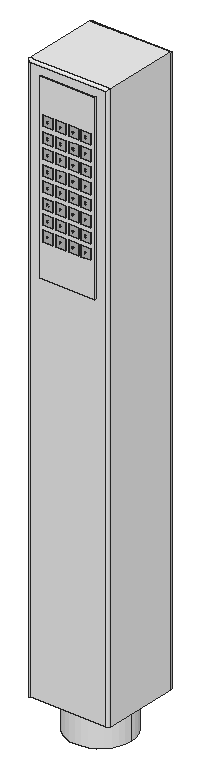
Revit family "xHandshower-American_Standard-Spectra_Minimalist-1660.608", category Plumbing Fixtures, Revit 2014
Parameters (values of type "1660.608")
  Width = 1"  # constant formula
  Water Connection Radius = 1/4"  # constant formula
  Water Connection Diameter = 1/2"  # constant formula
  Waste Connection = no
  Warranty Information = "One Year General Product Warranty"  # constant formula
  WFU = 4  # constant formula
  Vent Connection = no
  URL = "https://www.americanstandard-us.com/"
  Specification = "Hand Shower shall include check valve to prevent cross flow of hot and cold water."  # constant formula
  Product Page URL = "https://www.americanstandard-us.com/bathroom/shower-faucets/square-minimalist-hand-shower-32478"
  Price = "Prices may vary. Please consult Manufacturer Representative for most up-to-date price list."  # constant formula
  Model = "1660.608"  # constant formula
  Material = "Brass-American Standard-002-Polished Chrome"
  Manufacturer = "American Standard"  # constant formula
  Length = 1"  # constant formula
  Height = 7 1/2"  # constant formula
  HWFU = 3  # constant formula
  HW Connection = yes
  Flow Rate = "1.8 gpm/6.8 L/min."  # constant formula
  Finish = Brass-American Standard-002-Polished Chrome
  Description = "Square Minimalist Hand Shower"  # constant formula
  Default Elevation = 0"
  Creation Date = "01/17/2018"  # constant formula
  CWFU = 3  # constant formula
  CW Connection = yes
  Assembly Code = "D2010710"
Reference planes (in)
  plane 1 "Center (Front/Back)": y = 0
  plane 2: z = 0
  plane 3 "Center (Left/Right)": x = 0
  plane 4: x = 0.5
  plane 5: y = 0.5
  plane 6: x = -0.5
  plane 7: y = -0.5
  plane 8: z = 7.5
Forms (in)
  Revolve 1, solid, material "Brass-American Standard-002-Polished Chrome" <- "Finish"
    sketch origin (0, 0, 0) x (1, 0, 0) y (0, 0, 1)
      loop
        line (0, 0) -> (0.3862, 0) -> (0.3862, 0.40709) -> (0, 0.40709) -> (0, 0)
      axis (0, 0.40709) -> (0, 0)
    angle from 0 to 360
  Extrusion 2, solid, material "Brass-American Standard-002-Polished Chrome" <- "Finish"
    sketch origin (0, 0, 0) x (1, 0, 0) y (0, 1, 0)
      loop
        arc (-0.46906, 0.5) -> (-0.49094, 0.49094) -> (-0.5, 0.46906) r 0.03094
        line (-0.5, 0.46906) -> (-0.5, -0.46875)
        arc (-0.5, -0.46875) -> (-0.49085, -0.49085) -> (-0.46875, -0.5) r 0.03125
        line (-0.46875, -0.5) -> (0.46875, -0.5)
        arc (0.46875, -0.5) -> (0.49085, -0.49085) -> (0.5, -0.46875) r 0.03125
        line (0.5, -0.46875) -> (0.5, 0.46875)
        arc (0.5, 0.46875) -> (0.49085, 0.49085) -> (0.46875, 0.5) r 0.03125
        line (0.46875, 0.5) -> (-0.46906, 0.5)
    from 0.40709 to 7.5
  Extrusion 3, void
    sketch origin (0, 0, 0) x (0, 1, 0) y (0, 0, 1)
      loop
        line (0.5, 7.53555) -> (-0.5, 7.53555) -> (-0.5, 7.46875)
        arc (-0.5, 7.46875) -> (-0.49085, 7.49085) -> (-0.46875, 7.5) r 0.03125
        line (-0.46875, 7.5) -> (0.46875, 7.5)
        arc (0.46875, 7.5) -> (0.49085, 7.49085) -> (0.5, 7.46875) r 0.03125
        line (0.5, 7.46875) -> (0.5, 7.53555)
    from -0.5 to 0.5
  Extrusion 4, solid, material "Brass-American Standard-002-Polished Chrome" <- "Finish"
    sketch origin (0, 0, 0) x (1, 0, 0) y (0, 0, 1)
      loop
        line (-0.34394, 7.37033) -> (-0.34394, 5.12033) -> (0.34394, 5.12033) -> (0.34394, 7.37033) -> (-0.34394, 7.37033)
      loop
        line (-0.17163, 6.95232) -> (-0.29663, 6.95232) -> (-0.29663, 6.82732) -> (-0.17163, 6.82732) -> (-0.17163, 6.95232)
      loop
        line (-0.01627, 6.95232) -> (-0.14127, 6.95232) -> (-0.14127, 6.82732) -> (-0.01627, 6.82732) -> (-0.01627, 6.95232)
      loop
        line (0.14127, 6.95232) -> (0.01627, 6.95232) -> (0.01627, 6.82732) -> (0.14127, 6.82732) -> (0.14127, 6.95232)
      loop
        line (0.29663, 6.95232) -> (0.17163, 6.95232) -> (0.17163, 6.82732) -> (0.29663, 6.82732) -> (0.29663, 6.95232)
      loop
        line (0.29663, 6.76906) -> (0.17163, 6.76906) -> (0.17163, 6.64406) -> (0.29663, 6.64406) -> (0.29663, 6.76906)
      loop
        line (0.14127, 6.76906) -> (0.01627, 6.76906) -> (0.01627, 6.64406) -> (0.14127, 6.64406) -> (0.14127, 6.76906)
      loop
        line (-0.01627, 6.76906) -> (-0.14127, 6.76906) -> (-0.14127, 6.64406) -> (-0.01627, 6.64406) -> (-0.01627, 6.76906)
      loop
        line (-0.17163, 6.76906) -> (-0.29663, 6.76906) -> (-0.29663, 6.64406) -> (-0.17163, 6.64406) -> (-0.17163, 6.76906)
      loop
        line (-0.17163, 6.46081) -> (-0.17163, 6.58581) -> (-0.29663, 6.58581) -> (-0.29663, 6.46081) -> (-0.17163, 6.46081)
      loop
        line (-0.01627, 6.46081) -> (-0.01627, 6.58581) -> (-0.14127, 6.58581) -> (-0.14127, 6.46081) -> (-0.01627, 6.46081)
      loop
        line (0.14127, 6.46081) -> (0.14127, 6.58581) -> (0.01627, 6.58581) -> (0.01627, 6.46081) -> (0.14127, 6.46081)
      loop
        line (0.29663, 6.46081) -> (0.29663, 6.58581) -> (0.17163, 6.58581) -> (0.17163, 6.46081) -> (0.29663, 6.46081)
      loop
        line (-0.17163, 6.09429) -> (-0.17163, 6.21929) -> (-0.29663, 6.21929) -> (-0.29663, 6.09429) -> (-0.17163, 6.09429)
      loop
        line (-0.01627, 6.09429) -> (-0.01627, 6.21929) -> (-0.14127, 6.21929) -> (-0.14127, 6.09429) -> (-0.01627, 6.09429)
      loop
        line (0.14127, 6.09429) -> (0.14127, 6.21929) -> (0.01627, 6.21929) -> (0.01627, 6.09429) -> (0.14127, 6.09429)
      loop
        line (0.29663, 6.09429) -> (0.29663, 6.21929) -> (0.17163, 6.21929) -> (0.17163, 6.09429) -> (0.29663, 6.09429)
      loop
        line (0.29663, 6.27755) -> (0.29663, 6.40255) -> (0.17163, 6.40255) -> (0.17163, 6.27755) -> (0.29663, 6.27755)
      loop
        line (0.14127, 6.27755) -> (0.14127, 6.40255) -> (0.01627, 6.40255) -> (0.01627, 6.27755) -> (0.14127, 6.27755)
      loop
        line (-0.01627, 6.27755) -> (-0.01627, 6.40255) -> (-0.14127, 6.40255) -> (-0.14127, 6.27755) -> (-0.01627, 6.27755)
      loop
        line (-0.17163, 6.27755) -> (-0.17163, 6.40255) -> (-0.29663, 6.40255) -> (-0.29663, 6.27755) -> (-0.17163, 6.27755)
      loop
        line (0.29663, 5.54452) -> (0.29663, 5.66952) -> (0.17163, 5.66952) -> (0.17163, 5.54452) -> (0.29663, 5.54452)
      loop
        line (0.14127, 5.54452) -> (0.14127, 5.66952) -> (0.01627, 5.66952) -> (0.01627, 5.54452) -> (0.14127, 5.54452)
      loop
        line (-0.01627, 5.54452) -> (-0.01627, 5.66952) -> (-0.14127, 5.66952) -> (-0.14127, 5.54452) -> (-0.01627, 5.54452)
      loop
        line (-0.17163, 5.54452) -> (-0.17163, 5.66952) -> (-0.29663, 5.66952) -> (-0.29663, 5.54452) -> (-0.17163, 5.54452)
      loop
        line (-0.17163, 5.85278) -> (-0.29663, 5.85278) -> (-0.29663, 5.72778) -> (-0.17163, 5.72778) -> (-0.17163, 5.85278)
      loop
        line (-0.01627, 5.85278) -> (-0.14127, 5.85278) -> (-0.14127, 5.72778) -> (-0.01627, 5.72778) -> (-0.01627, 5.85278)
      loop
        line (0.14127, 5.85278) -> (0.01627, 5.85278) -> (0.01627, 5.72778) -> (0.14127, 5.72778) -> (0.14127, 5.85278)
      loop
        line (0.29663, 5.85278) -> (0.17163, 5.85278) -> (0.17163, 5.72778) -> (0.29663, 5.72778) -> (0.29663, 5.85278)
      loop
        line (0.29663, 6.03604) -> (0.17163, 6.03604) -> (0.17163, 5.91104) -> (0.29663, 5.91104) -> (0.29663, 6.03604)
      loop
        line (0.14127, 6.03604) -> (0.01627, 6.03604) -> (0.01627, 5.91104) -> (0.14127, 5.91104) -> (0.14127, 6.03604)
      loop
        line (-0.01627, 6.03604) -> (-0.14127, 6.03604) -> (-0.14127, 5.91104) -> (-0.01627, 5.91104) -> (-0.01627, 6.03604)
      loop
        line (-0.17163, 6.03604) -> (-0.29663, 6.03604) -> (-0.29663, 5.91104) -> (-0.17163, 5.91104) -> (-0.17163, 6.03604)
    from 0 to 0.51631
  Extrusion 5, solid, material "Rubber-American Standard-Grey"
    sketch origin (0, 0, 0) x (1, 0, 0) y (0, 0, 1)
      loop
        line (-0.29663, 6.82732) -> (-0.17163, 6.82732) -> (-0.17163, 6.95232) -> (-0.29663, 6.95232) -> (-0.29663, 6.82732)
      loop
        line (-0.14127, 6.82732) -> (-0.01627, 6.82732) -> (-0.01627, 6.95232) -> (-0.14127, 6.95232) -> (-0.14127, 6.82732)
      loop
        line (0.29663, 6.82732) -> (0.29663, 6.95232) -> (0.17163, 6.95232) -> (0.17163, 6.82732) -> (0.29663, 6.82732)
      loop
        line (0.14127, 6.82732) -> (0.14127, 6.95232) -> (0.01627, 6.95232) -> (0.01627, 6.82732) -> (0.14127, 6.82732)
      loop
        line (-0.29663, 6.64406) -> (-0.17163, 6.64406) -> (-0.17163, 6.76906) -> (-0.29663, 6.76906) -> (-0.29663, 6.64406)
      loop
        line (-0.14127, 6.64406) -> (-0.01627, 6.64406) -> (-0.01627, 6.76906) -> (-0.14127, 6.76906) -> (-0.14127, 6.64406)
      loop
        line (0.29663, 6.64406) -> (0.29663, 6.76906) -> (0.17163, 6.76906) -> (0.17163, 6.64406) -> (0.29663, 6.64406)
      loop
        line (0.14127, 6.64406) -> (0.14127, 6.76906) -> (0.01627, 6.76906) -> (0.01627, 6.64406) -> (0.14127, 6.64406)
      loop
        line (-0.29663, 6.58581) -> (-0.29663, 6.46081) -> (-0.17163, 6.46081) -> (-0.17163, 6.58581) -> (-0.29663, 6.58581)
      loop
        line (-0.14127, 6.58581) -> (-0.14127, 6.46081) -> (-0.01627, 6.46081) -> (-0.01627, 6.58581) -> (-0.14127, 6.58581)
      loop
        line (0.29663, 6.58581) -> (0.17163, 6.58581) -> (0.17163, 6.46081) -> (0.29663, 6.46081) -> (0.29663, 6.58581)
      loop
        line (0.14127, 6.58581) -> (0.01627, 6.58581) -> (0.01627, 6.46081) -> (0.14127, 6.46081) -> (0.14127, 6.58581)
      loop
        line (-0.29663, 6.21929) -> (-0.29663, 6.09429) -> (-0.17163, 6.09429) -> (-0.17163, 6.21929) -> (-0.29663, 6.21929)
      loop
        line (-0.14127, 6.21929) -> (-0.14127, 6.09429) -> (-0.01627, 6.09429) -> (-0.01627, 6.21929) -> (-0.14127, 6.21929)
      loop
        line (0.29663, 6.21929) -> (0.17163, 6.21929) -> (0.17163, 6.09429) -> (0.29663, 6.09429) -> (0.29663, 6.21929)
      loop
        line (0.14127, 6.21929) -> (0.01627, 6.21929) -> (0.01627, 6.09429) -> (0.14127, 6.09429) -> (0.14127, 6.21929)
      loop
        line (-0.29663, 6.40255) -> (-0.29663, 6.27755) -> (-0.17163, 6.27755) -> (-0.17163, 6.40255) -> (-0.29663, 6.40255)
      loop
        line (-0.14127, 6.40255) -> (-0.14127, 6.27755) -> (-0.01627, 6.27755) -> (-0.01627, 6.40255) -> (-0.14127, 6.40255)
      loop
        line (0.29663, 6.40255) -> (0.17163, 6.40255) -> (0.17163, 6.27755) -> (0.29663, 6.27755) -> (0.29663, 6.40255)
      loop
        line (0.14127, 6.40255) -> (0.01627, 6.40255) -> (0.01627, 6.27755) -> (0.14127, 6.27755) -> (0.14127, 6.40255)
      loop
        line (-0.29663, 5.66952) -> (-0.29663, 5.54452) -> (-0.17163, 5.54452) -> (-0.17163, 5.66952) -> (-0.29663, 5.66952)
      loop
        line (-0.14127, 5.66952) -> (-0.14127, 5.54452) -> (-0.01627, 5.54452) -> (-0.01627, 5.66952) -> (-0.14127, 5.66952)
      loop
        line (0.29663, 5.66952) -> (0.17163, 5.66952) -> (0.17163, 5.54452) -> (0.29663, 5.54452) -> (0.29663, 5.66952)
      loop
        line (0.14127, 5.66952) -> (0.01627, 5.66952) -> (0.01627, 5.54452) -> (0.14127, 5.54452) -> (0.14127, 5.66952)
      loop
        line (-0.29663, 5.72778) -> (-0.17163, 5.72778) -> (-0.17163, 5.85278) -> (-0.29663, 5.85278) -> (-0.29663, 5.72778)
      loop
        line (-0.14127, 5.72778) -> (-0.01627, 5.72778) -> (-0.01627, 5.85278) -> (-0.14127, 5.85278) -> (-0.14127, 5.72778)
      loop
        line (0.29663, 5.72778) -> (0.29663, 5.85278) -> (0.17163, 5.85278) -> (0.17163, 5.72778) -> (0.29663, 5.72778)
      loop
        line (0.14127, 5.72778) -> (0.14127, 5.85278) -> (0.01627, 5.85278) -> (0.01627, 5.72778) -> (0.14127, 5.72778)
      loop
        line (-0.29663, 5.91104) -> (-0.17163, 5.91104) -> (-0.17163, 6.03604) -> (-0.29663, 6.03604) -> (-0.29663, 5.91104)
      loop
        line (-0.14127, 5.91104) -> (-0.01627, 5.91104) -> (-0.01627, 6.03604) -> (-0.14127, 6.03604) -> (-0.14127, 5.91104)
      loop
        line (0.29663, 5.91104) -> (0.29663, 6.03604) -> (0.17163, 6.03604) -> (0.17163, 5.91104) -> (0.29663, 5.91104)
      loop
        line (0.14127, 5.91104) -> (0.14127, 6.03604) -> (0.01627, 6.03604) -> (0.01627, 5.91104) -> (0.14127, 5.91104)
      loop
        circle (0.23413, 6.70656) r 0.01454
      loop
        circle (0.23413, 6.88982) r 0.01454
      loop
        circle (0.07877, 6.88982) r 0.01454
      loop
        circle (0.07877, 6.70656) r 0.01454
      loop
        circle (-0.07877, 6.88982) r 0.01454
      loop
        circle (-0.07877, 6.70656) r 0.01454
      loop
        circle (-0.23413, 6.70656) r 0.01454
      loop
        circle (-0.23413, 6.88982) r 0.01454
      loop
        circle (-0.23413, 6.52331) r 0.01454
      loop
        circle (-0.07877, 6.52331) r 0.01454
      loop
        circle (0.07877, 6.52331) r 0.01454
      loop
        circle (0.23413, 6.52331) r 0.01454
      loop
        circle (0.23413, 6.34005) r 0.01454
      loop
        circle (0.07877, 6.34005) r 0.01454
      loop
        circle (-0.07877, 6.34005) r 0.01454
      loop
        circle (-0.23413, 6.34005) r 0.01454
      loop
        circle (-0.23413, 6.15679) r 0.01454
      loop
        circle (-0.07877, 6.15679) r 0.01454
      loop
        circle (0.07877, 6.15679) r 0.01454
      loop
        circle (0.23413, 6.15679) r 0.01454
      loop
        circle (0.23413, 5.97354) r 0.01454
      loop
        circle (0.07877, 5.97354) r 0.01454
      loop
        circle (-0.07877, 5.97354) r 0.01454
      loop
        circle (-0.23413, 5.97354) r 0.01454
      loop
        circle (-0.23413, 5.79028) r 0.01454
      loop
        circle (-0.07877, 5.79028) r 0.01454
      loop
        circle (0.07877, 5.79028) r 0.01454
      loop
        circle (0.23413, 5.79028) r 0.01454
      loop
        circle (0.23413, 5.60702) r 0.01454
      loop
        circle (0.07877, 5.60702) r 0.01454
      loop
        circle (-0.07877, 5.60702) r 0.01454
      loop
        circle (-0.23413, 5.60702) r 0.01454
    from 0.4598 to 0.51631
Cuts and joins
  Extrusion 3 cuts Extrusion 2
  joined: Extrusion 2, Extrusion 4
Lines and regions (in)
  Masking region 1
    outline origin (0, 0, 0) x (1, 0, 0) y (0, 1, 0)
      loop
        line (-0.5, 0.47129) -> (-0.5, -0.46875)
        arc (-0.5, -0.46875) -> (-0.49085, -0.49085) -> (-0.46875, -0.5) r 0.03125
        line (-0.46875, -0.5) -> (-0.34394, -0.5) -> (-0.34394, -0.53118) -> (0.34394, -0.53118) -> (0.34394, -0.5) -> (0.46875, -0.5)
        arc (0.46875, -0.5) -> (0.49085, -0.49085) -> (0.5, -0.46875) r 0.03125
        line (0.5, -0.46875) -> (0.5, 0.46875)
        arc (0.5, 0.46875) -> (0.49085, 0.49085) -> (0.46875, 0.5) r 0.03125
        line (0.46875, 0.5) -> (-0.46911, 0.49946)
        spline (-0.46911, 0.49946) -> (-0.47253, 0.49987) -> (-0.47594, 0.49971) -> (-0.4793, 0.49899) -> (-0.48256, 0.49772) -> (-0.48568, 0.49591) -> (-0.4886, 0.49359) -> (-0.49128, 0.4908) -> (-0.4937, 0.48757) -> (-0.4958, 0.48394) -> (-0.49757, 0.47999) -> (-0.49898, 0.47575) -> (-0.5, 0.47129)
  symbolic lines, detail levels medium+fine
    curve 1: line (-0.34394, -0.5, 0) -> (0.34394, -0.5, 0)
Dimensions and locks (in)
  "Height": plane 8 to plane 2
  "Length": plane 4 to plane 6
Automatic sketch dimensions
  Revolve 1 sketch curve to plane 3 "Center (Left/Right)" = 0"  (x2)
  Revolve 1 sketch curve to level = 0"
  Revolve 1 sketch curve to plane 4 = 0.1138"
  Revolve 1 sketch curve to Revolve 1 sketch curve = 0.40709"
  Revolve 1 sketch curve to Revolve 1 sketch curve = 3.16486"
  Revolve 1 sketch curve to Revolve 1 sketch curve = 0.42804"
  Extrusion 2 sketch curve to plane 6 = 0"
  plane 5 to Extrusion 2 sketch curve = 0"
  plane 7 to Extrusion 2 sketch curve = 0"
  Extrusion 2 sketch curve to plane 4 = 0"
  plane 5 to Extrusion 2 sketch curve = 0.03094"
  Extrusion 2 sketch curve to Extrusion 2 sketch curve = 1/32"
  Extrusion 2 sketch curve to plane 4 = 1/32"  (x2)
  Extrusion 3 sketch curve to plane 7 = 0"
  Extrusion 3 sketch curve to plane 8 = 0"
  Extrusion 3 sketch curve to plane 5 = 0"  (x2)
  Extrusion 3 sketch curve to plane 7 = 1/32"
  plane 5 to Extrusion 3 sketch curve = 1/32"
  plane 8 to Extrusion 3 sketch curve = 0.03555"
  Extrusion 3 sketch curve to Extrusion 3 sketch curve = 0"
  plane 6 to Extrusion 4 sketch curve = 0.15606"
  plane 6 to Extrusion 4 sketch curve = 0.20337"  (x3)
  Extrusion 4 sketch curve to Extrusion 4 sketch curve = 0"  (x38)
  Extrusion 4 sketch curve to Extrusion 4 sketch curve = 1/8"  (x36)
  Extrusion 4 sketch curve to Extrusion 4 sketch curve = 0.03036"  (x16)
  Extrusion 4 sketch curve to plane 3 "Center (Left/Right)" = 0.01627"  (x8)
  plane 3 "Center (Left/Right)" to Extrusion 4 sketch curve = 0.01627"  (x8)
  Extrusion 4 sketch curve to plane 4 = 0.15606"
  Extrusion 4 sketch curve to plane 8 = 2.37967"
  Extrusion 4 sketch curve to Extrusion 4 sketch curve = 0.42419"
  Extrusion 4 sketch curve to Extrusion 4 sketch curve = 0.05826"  (x18)
  Extrusion 4 sketch curve to plane 8 = 0.12967"
  plane 6 to Extrusion 5 sketch curve = 0.20337"  (x3)
  Extrusion 5 sketch curve to Extrusion 5 sketch curve = 0"  (x40)
  Extrusion 5 sketch curve to Extrusion 5 sketch curve = 1/16"  (x83)
  Extrusion 5 sketch curve to Extrusion 5 sketch curve = 0.03036"  (x16)
  Extrusion 5 sketch curve to plane 3 "Center (Left/Right)" = 0.07877"  (x8)
  Extrusion 5 sketch curve to plane 3 "Center (Left/Right)" = 0.01627"  (x8)
  plane 3 "Center (Left/Right)" to Extrusion 5 sketch curve = 0.01627"  (x8)
  plane 3 "Center (Left/Right)" to Extrusion 5 sketch curve = 0.07877"  (x8)
  Extrusion 5 sketch curve to plane 8 = 1.95548"
  Extrusion 5 sketch curve to Extrusion 5 sketch curve = 0.05826"  (x17)
  Masking region 1 sketch curve to plane 6 = 0"
  plane 5 to Masking region 1 sketch curve = 0"
  plane 7 to Masking region 1 sketch curve = 0"  (x2)
  Masking region 1 sketch curve to plane 4 = 0"
  plane 6 to Masking region 1 sketch curve = 1/32"
  plane 7 to Masking region 1 sketch curve = 0.03118"
  Masking region 1 sketch curve to Masking region 1 sketch curve = 0.12481"  (x2)
  Masking region 1 sketch curve to plane 4 = 1/32"  (x2)
  plane 5 to Masking region 1 sketch curve = 0.02871"
  plane 5 to Masking region 1 sketch curve = 0.00015"
  plane 6 to Masking region 1 sketch curve = 0.02556"
  plane 6 to Masking region 1 sketch curve = 0.02775"
  plane 5 to Masking region 1 sketch curve = 0.00054"
  Masking region 1 sketch curve to Masking region 1 sketch curve = 0.00004"
  plane 7 to curve 1 = 0"
  plane 6 to curve 1 = 0.15606"
  curve 1 to plane 4 = 0.15606"
  radius of Extrusion 5 sketch curve = 0.01454"  (x32)
Connectors (in)
  piping at (0, 0, 0), diameter 0.5, driven by "Water Connection Diameter"
    settings: on Revolve 1, index 1, connector inside diameter 24", connector length 0", flow factor 0, pipe flow 1.8 GPM, pressure drop 0.00 psi, fitting loss kfactor 0, connector angle 0.00°, fixture units 0, engagement length 0", angle of deflection 0.00°, flow configuration 0, flow direction 1, fitting loss method 0, system type 29, joint type 0, gender type 0, connector reference index -1, connector utility 0, adjustable connector no, is connector primary yes, connector description "1/2\" NPT Supply"
